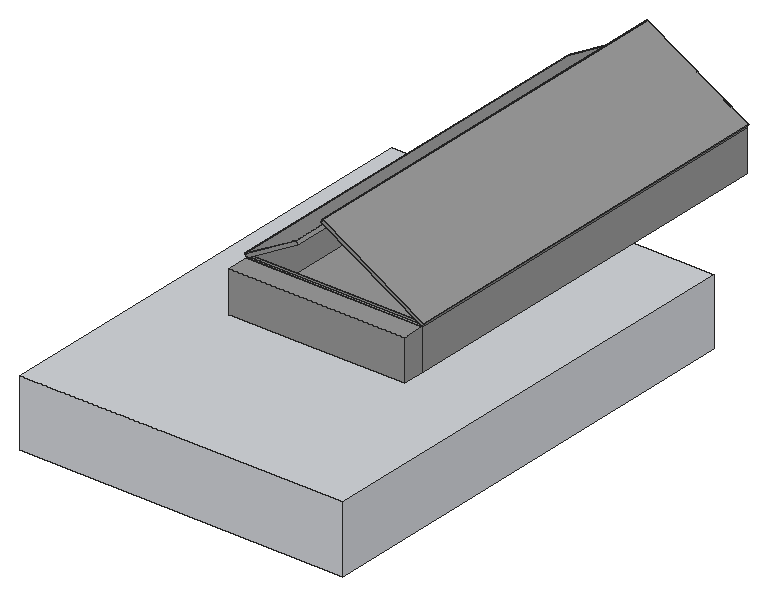
Revit family "Hager-Univers-IP54-D205-H1950-Cl.I-encl-NoHosted-DE-de", category Equipement électrique, Revit 2020
Family settings
  Hôte = Face
  Configuration du panneau = Deux colonnes, circuits au sein
  Cote de connecteur circulaire = Utiliser le diamètre
  Type d'élément = Tableau de raccordement
  Couper avec des vides une fois chargée = Non
  Partagée = Non
  Point de calcul de pièce = Non
Parameters (values of type "Bodenaufstellung IP54 B800 H1950 T205  - FP23TW2")
  Width Control [instance] = if([EF000008 - Breite] > Min Width, [EF000008 - Breite], Min Width)  # 800 mm
  Commentaires du type = [HG000003 - Bereich]  # "Univers"
  Thickness Door [instance] = if([EF009171 - Materialstärke Tür/Deckel] > 3 mm, 3 mm, [EF009171 - Materialstärke Tür/Deckel])  # 1 mm
  Seal Frame Offset [instance] = 17 mm  # constant formula
  Plinth Visibility [instance] = [HG000027 - Sockelhöhe] > 0 mm  # yes
  Model = ""
  Min Width [instance] = 100 mm  # constant formula
  Min Height [instance] = 100 mm  # constant formula
  Min Depth [instance] = (2 * [EF009170 - Materialstärke Gehäuse]) + 1 mm  # 3 mm
  Internal Frame Depth [instance] = (Door System Depth * 0.5)  # 9 mm
  Height Control [instance] = if([EF000040 - Höhe] > Min Height, [EF000040 - Höhe], Min Height)  # 1950 mm
  HG000027 - Sockelhöhe = 100 mm
  HG000026 - Stehend auf dem Boden = yes
  HG000024 - Höhe des unteren Teils = 800 mm
  HG000023 - Gehäuse mit doppeltem Querschnitt = no
  HG000016 - 3D-Türsichtbarkeit [instance] = yes
  HG000015 - Sichtbarkeit der Türöffnung [instance] = no
  HG000014 - Tür rechts [instance] = yes
  HG000013 - Tür links [instance] = not([HG000014 - Tür rechts])  # no
  HG000012 - Türschwenkwinkel [instance] = 30.00°
  HG000010 - Asymmetrische Türen = yes
  HG000009 - Doppelflügeligen Tür = yes
  HG000006 - Unterputz = no
  HG000004 - Herstellerreferenz = "FP23TW2"
  HG000003 - Bereich = "Univers"
  HG000002 - Mit tür = yes
  Frame Offset Bottom [instance] = 10 mm  # constant formula
  Frame Offset [instance] = 15 mm  # constant formula
  EF015940 - Deckel mit Überdruckentlastung = no
  EF011959 - Schutzart (NEMA) = ""
  EF009554 - Anzahl der Öffnungen für Flanschplatten = 6
  Fabricant = "Hager"  # constant formula
  EF009212 - Ausführung Deckel = "EV000116 - geschlossen"
  EF009171 - Materialstärke Tür/Deckel = 1 mm
  EF009170 - Materialstärke Gehäuse = 1 mm
  EF008873 - Nennstrom (In) = 400 A
  EF007800 - Geeignet für Blitzschutz = no
  EF006306 - Mit Schloss = no
  EF006244 - Transparenter Deckel/Tür = no
  EF005474 - Schutzart (IP) = "EV006419 - IP54"
  EF004464 - Art der Tür = "EV002646 - Einzel"
  EF004427 - Anzahl der Module = 432
  EF004293 - Schlagfestigkeit = "EV006815 - IK09"
  EF003532 - Geeignet für Außengebrauch = no
  EF002950 - Breite in Teilungseinheiten = 36
  EF001613 - Funktionserhalt = "EV000494 - ohne"
  EF001596 - Werkstoff des Gehäuses = "EV000179 - Stahl"
  EF001131 - Innentiefe = 205 mm
  EF001088 - Anbaumöglichkeit = yes
  EF000437 - Anzahl der Leitungseinführungen = 6
  EF000339 - Art der Abdeckung = "EV001012 - Deckel"
  EF000266 - Anzahl der Reihen = 12
  EF000218 - Einbautiefe = 0 mm
  EF000118 - Mit Montageplatte = no
  EF000116 - RAL-Nummer = "9010"
  EF000049 - Tiefe = 205 mm
  EF000040 - Höhe = 1950 mm
  EF000008 - Breite = 800 mm
  EF000007 - Farbe = "EV000202 - weiß"
  EF000003 - Montageart = "EV012274 - Bodenaufstellung"
  Door System Leaf Tolerance [instance] = 1.5 mm  # constant formula
  Door System Depth [instance] = 18 mm  # constant formula
  Door Height [instance] = Height Control - [HG000027 - Sockelhöhe]  # 1850 mm
  Depth Control [instance] = if([EF000049 - Tiefe] > Min Depth, [EF000049 - Tiefe], Min Depth)  # 205 mm
  Default Elevation = 0 mm
  Connector Offset [instance] = Height Control / 2  # 975 mm
  Bottom Top Plate Trim [instance] = 1.5 mm  # constant formula
  Plinth height Ctrl [instance] = if([HG000027 - Sockelhöhe] > 0 mm, [HG000027 - Sockelhöhe], 12 mm)  # 100 mm
Types (9, lengths in mm): name | Width Control | HG000010 - Asymmetrische Türen | HG000009 - Doppelflügeligen Tür | HG000004 - Herstellerreferenz | EF009554 - Anzahl der Öffnungen für Flanschplatten | EF008873 - Nennstrom (In) | EF004464 - Art der Tür | EF004427 - Anzahl der Module | EF002950 - Breite in Teilungseinheiten | EF000437 - Anzahl der Leitungseinführungen | EF000008 - Breite
  Bodenaufstellung IP54 B1050 H1950 T205  - FP24TW2 | 1050 | no | yes | "FP24TW2" | 8 | 400 A | "EV003602 - Doppel" | 576 | 48 | 8 | 1050
  Bodenaufstellung IP54 B1300 H1950 T205  - FP25TW | 1300 | no | yes | "FP25TW" | 10 | 400 A | "EV003602 - Doppel" | 720 | 60 | 10 | 1300
  Bodenaufstellung IP54 B1300 H1950 T205  - FP25TW2 | 1300 | yes | yes | "FP25TW2" | 10 | 400 A | "EV003602 - Doppel" | 720 | 60 | 10 | 1300
  Bodenaufstellung IP54 B300 H1950 T205  - FP21TW | 300 | no | no | "FP21TW" | 2 | 250 A | "EV002646 - Einzel" | 144 | 12 | 2 | 300
  Bodenaufstellung IP54 B300 H1950 T205  - FP21TW2 | 300 | no | no | "FP21TW2" | 2 | 250 A | "EV002646 - Einzel" | 144 | 12 | 2 | 300
  Bodenaufstellung IP54 B550 H1950 T205  - FP22TW | 550 | no | no | "FP22TW" | 4 | 400 A | "EV002646 - Einzel" | 288 | 24 | 4 | 550
  Bodenaufstellung IP54 B550 H1950 T205  - FP22TW2 | 550 | no | no | "FP22TW2" | 4 | 400 A | "EV002646 - Einzel" | 288 | 24 | 4 | 550
  Bodenaufstellung IP54 B800 H1950 T205  - FP23TW | 800 | no | no | "FP23TW" | 6 | 400 A | "EV002646 - Einzel" | 432 | 36 | 6 | 800
  Bodenaufstellung IP54 B800 H1950 T205  - FP23TW2 | 800 | yes | yes | "FP23TW2" | 6 | 400 A | "EV002646 - Einzel" | 432 | 36 | 6 | 800
Reference planes
  plane 1 "Center (Front/Back)": y = 0
  plane 2: z = 0
  plane 3 "Center (Left/Right)": x = 0
  plane 4: z = 205
  plane 5: y = 101
  plane 6: y = 1025
  plane 7: y = 100
  plane 8: y = 1950
  plane 9: z = 0
  plane 10: x = -385
  plane 11: x = 385
  plane 12: x = 384
  plane 13: x = -384
  plane 14: y = 1949
  plane 15: x = -383
  plane 16: x = -400
  plane 17: x = 383
  plane 18: x = 400
  plane 19: x = 399
  plane 20: x = -399
  plane 21: y = 111
  plane 22: y = 1950
  plane 23: y = 1934
  plane 24: z = 187
  plane 25: z = 1
  plane 26: z = 186
  plane 27: z = 204
Forms (mm)
  Extrusion 1, solid
    sketch origin (0, 0, 0) x (1, 0, 0) y (0, 1, 0)
      loop
        line (-702.964, 1305) -> (-702.964, -811.445) -> (766.763, -811.445) -> (766.763, 1305) -> (-702.964, 1305)
    from 0 to -304.8
  Extrusion 2, solid, material "Hager_Steel_RAL7035_Light_Grey", visible <- "Plinth Visibility", detail levels medium+fine
    sketch origin (0, 0, 0) x (1, 0, 0) y (0, 1, 0)
      loop
        line (-400, 0) -> (400, 0) -> (400, 100) -> (-400, 100) -> (-400, 0)
    from 0 to 187
  Extrusion 3, solid, material "Hager_Steel_RAL7035_Light_Grey", detail levels medium+fine
    sketch origin (0, 0, 0) x (1, 0, 0) y (0, 1, 0)
      loop
        line (-400, 100) -> (400, 100) -> (400, 1950) -> (-400, 1950) -> (-400, 100)
    from 0 to 187
  Extrusion 4, void
    sketch origin (0, 0, 0) x (1, 0, 0) y (0, 1, 0)
      loop
        line (-399, 101) -> (399, 101) -> (399, 1949) -> (-399, 1949) -> (-399, 101)
    from 1 to 186
  Extrusion 5, void
    sketch origin (-381.607, -4572, 187) x (0, -1, 0) y (-1, 0, 0)
      loop
        line (-4683, 2.393) -> (-6506, 2.393) -> (-6506, -765.607) -> (-4683, -765.607) -> (-4683, 2.393)
    from 0 to 1 <- "EF009170 - Materialstärke Gehäuse"
  Extrusion 6, solid, material "Hager_Steel_RAL7035_Light_Grey", detail levels fine
    sketch origin (0, 0, 187) x (1, 0, 0) y (0, 1, 0)
      loop
        line (-384, 1934) -> (-384, 111) -> (384, 111) -> (384, 1934) -> (-384, 1934)
      loop
        line (-385, 110) -> (385, 110) -> (385, 1935) -> (-385, 1935) -> (-385, 110)
    from 0 to 9 <- "Internal Frame Depth"
  Extrusion 7, solid, material "Hager_Steel_RAL7035_Light_Grey", detail levels coarse
    sketch origin (0, 0, 0) x (1, 0, 0) y (0, 1, 0)
      loop
        line (-400, 0) -> (400, 0) -> (400, 1950) -> (-400, 1950) -> (-400, 0)
    from 0 to 205
  Sweep 8, void
    path in 3D
      loop
        line (-400, 100, 0) -> (400, 100, 0) -> (400, 100, 187) -> (-400, 100, 187) -> (-400, 100, 0)
    profile origin (-400, 100, 93.5) x (-1, 0, 0) y (0, -1, 0)
      loop
        line (0, 0) -> (0, 1.5) -> (-1.5, 1.5)
        arc (-1.5, 1.5) -> (-1.061, 0.439) -> (0, 0) r 1.5
Cuts and joins
  Extrusion 4, Extrusion 5 cuts Extrusion 3
  Sweep 8 cuts Extrusion 2
Lines and regions (mm)
  Masking region 1
    outline origin (0, 0, 0) x (1, 0, 0) y (0, 0, 1)
      loop
        line (-400, 205) -> (-400, 0) -> (400, 0) -> (400, 205) -> (-400, 205)
  Masking region 2, detail levels medium+fine
    outline origin (0, 140, 0) x (0, 1, 0) y (0, 0, 1)
      loop
        line (-40, 0) -> (1810, 0) -> (1810, 187) -> (-40, 187) -> (-40, 0)
  Masking region 3, not visible, detail levels medium+fine
    outline origin (0, 297.922, 0) x (0, 1, 0) y (0, 0, 1)
      loop
        line (738.578, 0) -> (778.578, 0) -> (778.578, 194)
        arc (778.578, 194) -> (775.649, 201.071) -> (768.578, 204) r 10
        line (768.578, 204) -> (738.578, 204) -> (738.578, 0)
  Masking region 4, detail levels coarse
    outline origin (0, 0, 180) x (0, 1, 0) y (0, 0, 1)
      loop
        line (0, -180) -> (1950, -180) -> (1950, 25) -> (0, 25) -> (0, -180)
  Masking region 5, visible <- "Plinth Visibility", detail levels medium+fine
    outline origin (0, 52.24, 12.345) x (0, 0, -1) y (0, 1, 0)
      loop
        line (10.845, 47.76) -> (-173.155, 47.76)
        arc (-173.155, 47.76) -> (-173.594, 46.699) -> (-174.655, 46.26) r 1.5
        line (-174.655, 46.26) -> (-174.655, -52.24) -> (12.345, -52.24) -> (12.345, 46.26)
        arc (12.345, 46.26) -> (11.285, 46.699) -> (10.845, 47.76) r 1.5
  Masking region 6, detail levels medium+fine
    outline origin (-381.607, -4572, 187) x (-1, 0, 0) y (0, -1, 0)
      loop
        line (18.393, -6522) -> (18.393, -4672) -> (-781.607, -4672) -> (-781.607, -6522) -> (18.393, -6522)
  Masking region 7, visible <- "Plinth Visibility", detail levels medium+fine
    outline origin (-381.607, -4727, 187) x (-1, 0, 0) y (0, -1, 0)
      loop
        arc (16.893, -4827) -> (17.332, -4825.939) -> (18.393, -4825.5) r 1.5
        line (18.393, -4825.5) -> (18.393, -4727) -> (-781.607, -4727) -> (-781.607, -4825.5)
        arc (-781.607, -4825.5) -> (-780.546, -4825.939) -> (-780.107, -4827) r 1.5
        line (-780.107, -4827) -> (16.893, -4827)
  Masking region 8, detail levels coarse
    outline origin (-442.548, -4669.526, 187) x (-1, 0, 0) y (0, -1, 0)
      loop
        line (-42.548, -6619.526) -> (-42.548, -4669.526) -> (-842.548, -4669.526) -> (-842.548, -6619.526) -> (-42.548, -6619.526)
  sketch lines
    curve 1: line (-400, 100, 187) -> (-400, 100, 0)
    curve 2: line (400, 100, 187) -> (-400, 100, 187)
    curve 3: line (400, 100, 187) -> (400, 100, 0)
    curve 4: line (-400, 100, 0) -> (400, 100, 0)
Dimensions and locks
  "Depth Control": plane 4 to Extrusion 1
  "HG000027 - Sockelhöhe": plane 1 "Center (Front/Back)" to plane 7
  "EF009170 - Materialstärke Gehäuse": plane 5 to plane 7
  locked: connector elem to plane 3 "Center (Left/Right)"
  equal spacing: plane 8, plane 6, plane 7
  locked: connector elem to plane 6
  "EF009170 - Materialstärke Gehäuse": plane 8 to plane 14
  "EF009170 - Materialstärke Gehäuse": plane 10 to plane 13
  "EF009170 - Materialstärke Gehäuse": plane 12 to plane 11
  "Frame Offset": plane 20 to plane 13
  "Frame Offset": plane 12 to plane 19
  "EF009170 - Materialstärke Gehäuse": plane 16 to plane 20
  "EF009170 - Materialstärke Gehäuse": plane 19 to plane 18
  "Seal Frame Offset": plane 16 to plane 15
  "Seal Frame Offset": plane 17 to plane 18
  "Frame Offset Bottom": plane 21 to plane 5
  "Frame Offset": plane 14 to plane 23
  equal spacing: plane 16, plane 3 "Center (Left/Right)", plane 18
  "Width Control": plane 16 to plane 18
  "EF009170 - Materialstärke Gehäuse": plane 4 to plane 27
  "EF009170 - Materialstärke Gehäuse": plane 24 to plane 26
  "EF009170 - Materialstärke Gehäuse": plane 25 to level
  "Door System Depth": plane 4 to plane 24
  "Height Control": plane 1 "Center (Front/Back)" to Extrusion 7 sketch curve
  "Height Control": Masking region 4 sketch curve to plane 1 "Center (Front/Back)"
  "Height Control": plane 1 "Center (Front/Back)" to plane 22
  "Bottom Top Plate Trim": profile plane to Sweep 8 sketch curve
  "Bottom Top Plate Trim": Sweep 8 sketch curve to profile plane
  "Plinth height Ctrl": plane 1 "Center (Front/Back)" to Extrusion 2 sketch curve
  "Plinth height Ctrl": Masking region 5 sketch curve to plane 1 "Center (Front/Back)"
  "Plinth height Ctrl": plane 1 "Center (Front/Back)" to Masking region 7 sketch curve
  "Thickness Door": Extrusion 6 sketch curve to Extrusion 6 sketch curve  (x3)
  "Thickness Door": cut or joined group of Extrusion 3, Extrusion 4, Extrusion 5 to Extrusion 6 sketch curve
  radius of Masking region 3 sketch curve = 10 mm
  "Bottom Top Plate Trim": radius of Masking region 5 sketch curve  (x2)
  "Bottom Top Plate Trim": radius of Sweep 8 sketch curve
  "Bottom Top Plate Trim": radius of Masking region 7 sketch curve  (x2)
  aligned and locked: plane 2 to Extrusion 1
  aligned and locked: level to Extrusion 1
  aligned and locked: level to Masking region 1 sketch curve
  aligned and locked: Masking region 1 sketch curve to plane 18
  aligned and locked: Masking region 1 sketch curve to plane 16
  aligned and locked: plane 7 to Masking region 2 sketch curve
  aligned and locked: level to Masking region 3 sketch curve
  aligned and locked: Masking region 3 sketch curve to plane 27
  aligned and locked: level to Masking region 2 sketch curve
  aligned and locked: plane 1 "Center (Front/Back)" to Extrusion 2 sketch curve
  aligned and locked: Extrusion 3 sketch curve to plane 7
  aligned and locked: plane 16 to Extrusion 3 sketch curve
  aligned and locked: plane 18 to Extrusion 3 sketch curve
  aligned and locked: plane 20 to Extrusion 4 sketch curve
  aligned and locked: plane 19 to Extrusion 4 sketch curve
  aligned and locked: Extrusion 4 sketch curve to plane 5
  aligned and locked: Extrusion 4 to plane 25
  aligned and locked: plane 26 to Extrusion 4
  aligned and locked: plane 24 to Extrusion 3
  aligned and locked: Extrusion 5 sketch curve to plane 21
  aligned and locked: Extrusion 5 sketch curve to plane 13
  aligned and locked: Extrusion 5 sketch curve to plane 12
  aligned and locked: plane 18 to Extrusion 7 sketch curve
  aligned and locked: plane 1 "Center (Front/Back)" to Extrusion 7 sketch curve
  aligned and locked: plane 16 to Extrusion 7 sketch curve
  aligned and locked: plane 4 to Extrusion 7
  aligned and locked: Extrusion 7 to level
  aligned and locked: level to Masking region 4 sketch curve
  aligned and locked: Masking region 4 sketch curve to plane 1 "Center (Front/Back)"
  aligned and locked: Masking region 4 sketch curve to plane 4
  aligned and locked: nested 1 to level
  aligned and locked: nested 1 to plane 16
  aligned and locked: plane 8 to Extrusion 3 sketch curve
  aligned and locked: plane 23 to Extrusion 5 sketch curve
  aligned and locked: plane 14 to Extrusion 4 sketch curve
  aligned and locked: Masking region 2 sketch curve to plane 8
  aligned and locked: level to Masking region 5 sketch curve
  aligned and locked: plane 16 to Extrusion 2 sketch curve
  aligned and locked: plane 18 to Extrusion 2 sketch curve
  aligned and locked: Masking region 5 sketch curve to plane 24
  aligned and locked: Masking region 2 sketch curve to plane 24
  aligned and locked: plane 24 to Extrusion 2
  aligned and locked: profile plane to Sweep 8 sketch curve  (x2)
  aligned and locked: Masking region 6 sketch curve to plane 18
  aligned and locked: Masking region 6 sketch curve to plane 22
  aligned and locked: Masking region 6 sketch curve to plane 16
  aligned and locked: plane 8 to plane 22
  aligned and locked: Masking region 6 sketch curve to plane 7
  aligned and locked: Masking region 7 sketch curve to plane 16
  aligned and locked: Masking region 7 sketch curve to plane 1 "Center (Front/Back)"
  aligned and locked: Masking region 7 sketch curve to plane 18
  aligned and locked: Masking region 8 sketch curve to plane 1 "Center (Front/Back)"
  aligned and locked: Masking region 8 sketch curve to plane 18
  aligned and locked: Masking region 8 sketch curve to plane 22
  aligned and locked: Masking region 8 sketch curve to plane 16
  aligned and locked: nested 2 to plane 7
  aligned and locked: plane 3 "Center (Left/Right)" to nested 2
  aligned and locked: nested 2 to plane 24
  aligned and locked: Extrusion 6 sketch curve to cut or joined group of Extrusion 3, Extrusion 4, Extrusion 5  (x4)
Automatic sketch dimensions
  Extrusion 1 sketch curve to Extrusion 1 sketch curve = 1469.727 mm
  Extrusion 1 sketch curve to Extrusion 1 sketch curve = 2116.445 mm
  Masking region 1 sketch curve to plane 4 = 0 mm
  plane 6 to Masking region 3 sketch curve = 11.5 mm
  Masking region 3 sketch curve to Masking region 3 sketch curve = 30 mm
  Masking region 5 sketch curve to plane 1 "Center (Front/Back)" = 0 mm
Nested families
  nested 1: "Hager_Enclosure_Symbol" at (-400, 0, 0) x (1, 0, 0) z (0, -1, 0), Height <- "Depth Control", Width <- "Width Control", type "Hager_Enclosure_Symbol"
    with Width_Ctrl 800 mm, Width 800 mm, Height_Ctrl 205 mm, Height 205 mm, A_Width_Int 13.453 mm, A_Width 161.438 mm, A_Height_Ctrl 179.375 mm, A_Height 179.375 mm
  nested 2: "EC000058_Univers_Door" at (0, 100, 187) x (1, 0, 0) z (0, 1, 0), Leaf_Tolerance <- "Door System Leaf Tolerance", Angle <- "HG000012 - Türschwenkwinkel", Door_Depth <- "Door System Depth", Door_Left <- "HG000013 - Tür links", Transparent <- "EF006244 - Transparenter Deckel/Tür", Assymetrical <- "HG000010 - Asymmetrische Türen", Width <- "Width Control", Clearance <- "HG000015 - Sichtbarkeit der Türöffnung", Double <- "HG000009 - Doppelflügeligen Tür", 3d_Door <- "HG000016 - 3D-Türsichtbarkeit", Lock_Visibility <- "EF006306 - Mit Schloss", Width_Ctrl <- "Width Control", Door_Right <- "HG000014 - Tür rechts", Door <- "HG000002 - Mit tür", Height <- "Door Height", Thickness <- "Thickness Door", type "EC000058_Univers_Door", detail levels medium+fine
    with min_wh 3 mm, Width_Ctrl 800 mm, Width 800 mm, Transparent no, Thickness 1 mm, Seal_Material Hager_Rubber, Lock_Visibility no, Lock_Material Hager_Plastic_RAL9005_Jet_Black, Leaf_Width 800 mm, Leaf_Tolerance_External_Sides 0 mm, Leaf_Tolerance 1.5 mm, Leaf_Offset 0 mm, Leaf_Height 1847 mm, Leaf_2_Width 532.583 mm, Leaf_2_Offset 266.292 mm, Leaf_1_Width 265.917 mm, Leaf_1_Offset 132.958 mm, Height_Ctrl 1850 mm, Height 1850 mm, Glass_Material Hager_Glass, Double_Clearance_Ctrl no, Double yes, Door_Right_Ctrl yes, Door_Right yes, Door_Material Hager_Steel_RAL7035_Light_Grey, Door_Left_Ctrl yes, Door_Left no, Door_Depth 18 mm, Door yes, Clearance_Material Hager_Clearance, Clearance_Depth 532.583 mm, Clearance_Ctrl no, Clearance no, Assymetrical yes, Angle 30.00°, 3d_Door yes
Connectors
  electrical at (0, 1025, 0)
    settings: on plane 9, index 1, voltage 0 V, apparent load 0 VA, apparent load phase1 0 VA, apparent load phase2 0 VA, apparent load phase3 0 VA, power factor 1, load classification "Other", number of poles 1, system type 30, power factor state 1, is connector primary yes, connector utility no, sub classification motor no, connector description ""
Definition of nested family "EC000058_Univers_Door"
  Parameters (values of type "EC000058_Univers_Door")
    min_wh [instance] = (2 * Thickness) + 1 mm  # 11 mm
    Width_Ctrl [instance] = 400 mm
    Width [instance] = 500 mm
    Transparent [instance] = yes
    Thickness [instance] = 5 mm
    Seal_Material [instance] = none
    Lock_Visibility [instance] = yes
    Lock_Material [instance] = none
    Leaf_Width [instance] = if((Width_Ctrl - 2 * Leaf_Tolerance_External_Sides) > 0 mm, (Width_Ctrl - 2 * Leaf_Tolerance_External_Sides), min_wh)  # 400 mm
    Leaf_Tolerance_External_Sides [instance] = 0 mm  # constant formula
    Leaf_Tolerance [instance] = 1.5 mm
    Leaf_Offset [instance] = 0 mm  # constant formula
    Leaf_Height [instance] = if((Height_Ctrl - 2 * Leaf_Tolerance) > 0 mm, (Height_Ctrl - 2 * Leaf_Tolerance), min_wh)  # 497 mm
    Leaf_2_Width [instance] = if(and(and(Double, Assymetrical), Door_Left), (Leaf_Width / 3) - (Leaf_Tolerance / 2), if(and(and(Double, Assymetrical), Door_Right), (Leaf_Width / 3) * 2 - (Leaf_Tolerance / 2), if(and(Double, not(Assymetrical)), (Leaf_Width / 2) - Leaf_Tolerance, Leaf_Width)))  # 400 mm
    Leaf_2_Offset [instance] = if(and(Double, Assymetrical), Leaf_2_Width / 2, if(and(Double, not(Assymetrical)), Leaf_Width / 4, Leaf_Width / 2))  # 200 mm
    Leaf_1_Width [instance] = if(and(and(Double, Assymetrical), Door_Right), (Leaf_Width / 3) - (Leaf_Tolerance / 2), if(and(and(Double, Assymetrical), Door_Left), (Width / 3) * 2 - (Leaf_Tolerance / 2), if(and(Double, not(Assymetrical)), (Leaf_Width / 2) - Leaf_Tolerance, Leaf_Width)))  # 400 mm
    Leaf_1_Offset [instance] = if(and(Double, Assymetrical), Leaf_1_Width / 2, if(and(Double, not(Assymetrical)), Leaf_Width / 4, Leaf_Width / 2))  # 200 mm
    Height_Ctrl [instance] = if(Height > min_wh, Height, min_wh)  # 500 mm
    Height [instance] = 500 mm
    Glass_Material [instance] = none
    Double_Clearance_Ctrl [instance] = and(Double, Clearance)  # no
    Double [instance] = no
    Door_Right_Ctrl [instance] = and(or(Door_Right, Double), Door)  # yes
    Door_Right [instance] = yes
    Door_Material [instance] = none
    Door_Left_Ctrl [instance] = and(or(Door_Left, Double), Door)  # no
    Door_Left [instance] = no
    Door_Depth [instance] = 30 mm
    Door [instance] = yes
    Default Elevation = 1219.2 mm
    Clearance_Material [instance] = none
    Clearance_Depth [instance] = if(Leaf_1_Width > Leaf_2_Width, Leaf_1_Width, Leaf_2_Width)  # 400 mm
    Clearance_Ctrl [instance] = and(not(Double), Clearance)  # yes
    Clearance [instance] = yes
    Assymetrical [instance] = yes
    Angle [instance] = 30.00°
    3d_Door [instance] = yes
  Reference planes
    plane 1 "Center (Front/Back)": y = 0
    plane 2 "Bottom": z = 0
    plane 3 "Center (Left/Right)": x = 0
    plane 4: z = 500
    plane 5: x = -200
    plane 6: x = 200
    plane 7: z = 500
    plane 8: x = -200
    plane 9: z = 0
    plane 10: x = 200
    plane 11: y = 0
    plane 12: z = 1.5
    plane 13: x = -600
    plane 14: y = -400
    plane 15: x = 600
    plane 16: x = 0
    plane 17: x = 0
    plane 18: x = -200
    plane 19: x = 200
    plane 20: z = 498.5
  Forms (mm)
    Extrusion 1, solid, material <- "Clearance_Material", visible <- "Double_Clearance_Ctrl"
      sketch origin (1200, 0, 0) x (1, 0, 0) y (0, 0, -1)
        loop
          line (-1800, -498.5) -> (-600, -498.5) -> (-600, 0) -> (-1800, 0) -> (-1800, -498.5)
      from 0 to -400
  Dimensions and locks
    equal spacing: plane 5, plane 3 "Center (Left/Right)", plane 6
    "Width_Ctrl": plane 5 to plane 6
    "Leaf_Offset": plane 5 to plane 8
    "Leaf_Offset": plane 6 to plane 10
    "Leaf_Offset": plane 9 to level
    "Leaf_Offset": plane 4 to plane 7
    "Height_Ctrl": plane 4 to level
    "Leaf_Tolerance": plane 12 to plane 9
    locked: plane 11 to plane 1 "Center (Front/Back)"
    "Leaf_1_Offset": plane 18 to plane 16
    "Leaf_2_Offset": plane 17 to plane 19
    "Leaf_1_Width": plane 13 to plane 8
    "Leaf_2_Width": plane 10 to plane 15
    "Clearance_Depth": plane 14 to plane 1 "Center (Front/Back)"
    "Leaf_Tolerance_External_Sides": plane 8 to plane 18
    "Leaf_Tolerance_External_Sides": plane 19 to plane 10
    "Leaf_Tolerance": plane 7 to plane 20
    aligned and locked: level to plane 2 "Bottom"
    aligned and locked: nested 1 to plane 16
    aligned and locked: nested 2 to plane 17
    aligned and locked: Extrusion 1 to plane 13
    aligned and locked: plane 15 to Extrusion 1
    aligned and locked: Extrusion 1 to plane 14
    aligned and locked: plane 12 to nested 1
    aligned and locked: nested 2 to plane 12
    aligned and locked: Extrusion 1 to plane 11
    aligned and locked: plane 20 to Extrusion 1
    aligned and locked: nested 2 to plane 11
    aligned and locked: nested 1 to plane 11
  Automatic sketch dimensions
    Extrusion 1 sketch curve to level = 0 mm
    plane 5 to Extrusion 1 sketch curve = 400 mm
    plane 6 to Extrusion 1 sketch curve = 400 mm
    Extrusion 1 sketch curve to plane 4 = 1.5 mm
  Nested families
    nested 1: "EC000058_Univers_Door_Leaf" at (0, 0, 1.5), Width <- "Leaf_1_Width", visible <- "Door_Left_Ctrl", Leaf_Height <- "Leaf_Height", Angle <- "Angle", 3d_Door <- "3d_Door", Transparent <- "Transparent", Clearance Material <- "Clearance_Material", Clearance <- "Clearance_Ctrl", Door_Material <- "Door_Material", Glass_Material <- "Glass_Material", Door_Depth <- "Door_Depth", Lock_Material <- "Lock_Material", Seal_Material <- "Seal_Material", Lock_Visibility <- "Lock_Visibility", Thickness <- "Thickness", type "EC000058_Univers_Door_Leaf"
      with Width 400 mm, Transparent_Glass_Offset 30 mm, Transparent_Ctrl yes, Transparent yes, Thickness 5 mm, Standard no, Seal_Material none, Seal_D2 8 mm, Seal_D1 1 mm, Offset_Internal_Frame 10 mm, Lock_Width 20 mm, Lock_Visibility_3d yes, Lock_Visibility yes, Lock_Thickness_3 3 mm, Lock_Thickness_2 1 mm, Lock_Thickness_1 3 mm, Lock_Radius_Offset_2 16 mm, Lock_Radius_Offset_1 15 mm, Lock_Radius_2 5 mm, Lock_Radius 6 mm, Lock_Offset 5 mm, Lock_Material none, Lock_Height 80 mm, Lock_Cover_Top_Offset_2d 17 mm, Lock_Cover_Height -65 mm, Leaf_Height 497 mm, Internal_Seal_Thickness 8 mm, Internal_Seal_Depth_2 4.5 mm, Internal_Frame_Depth 25 mm, Glass_Thickness -1 mm, Glass_Offset -2 mm, Glass_Material none, Door_Material none, Door_Depth 30 mm, Clearance Material none, Clearance yes, Angle_Ctrl 30.00°, Angle 30.00°, 3d_Door yes
    nested 2: "EC000058_Univers_Door_Leaf" at (0, 0, 1.5) x (-1, 0, 0) z (0, 0, 1), Width <- "Leaf_2_Width", visible <- "Door_Right_Ctrl", Leaf_Height <- "Leaf_Height", Angle <- "Angle", 3d_Door <- "3d_Door", Transparent <- "Transparent", Clearance Material <- "Clearance_Material", Clearance <- "Clearance_Ctrl", Door_Material <- "Door_Material", Glass_Material <- "Glass_Material", Door_Depth <- "Door_Depth", Lock_Material <- "Lock_Material", Seal_Material <- "Seal_Material", Lock_Visibility <- "Lock_Visibility", Thickness <- "Thickness", type "EC000058_Univers_Door_Leaf"
      with Width 400 mm, Transparent_Glass_Offset 30 mm, Transparent_Ctrl yes, Transparent yes, Thickness 5 mm, Standard no, Seal_Material none, Seal_D2 8 mm, Seal_D1 1 mm, Offset_Internal_Frame 10 mm, Lock_Width 20 mm, Lock_Visibility_3d yes, Lock_Visibility yes, Lock_Thickness_3 3 mm, Lock_Thickness_2 1 mm, Lock_Thickness_1 3 mm, Lock_Radius_Offset_2 16 mm, Lock_Radius_Offset_1 15 mm, Lock_Radius_2 5 mm, Lock_Radius 6 mm, Lock_Offset 5 mm, Lock_Material none, Lock_Height 80 mm, Lock_Cover_Top_Offset_2d 17 mm, Lock_Cover_Height -65 mm, Leaf_Height 497 mm, Internal_Seal_Thickness 8 mm, Internal_Seal_Depth_2 4.5 mm, Internal_Frame_Depth 25 mm, Glass_Thickness -1 mm, Glass_Offset -2 mm, Glass_Material none, Door_Material none, Door_Depth 30 mm, Clearance Material none, Clearance yes, Angle_Ctrl 30.00°, Angle 30.00°, 3d_Door yes
  Definition of nested family "EC000058_Univers_Door_Leaf"
    Parameters (values of type "EC000058_Univers_Door_Leaf")
      Width [instance] = 2000 mm
      Transparent_Glass_Offset [instance] = 30 mm
      Transparent_Ctrl [instance] = and(Transparent, [3d_Door])  # yes
      Transparent [instance] = yes
      Thickness [instance] = 5 mm
      Standard [instance] = and(not(Transparent), [3d_Door])  # no
      Seal_Material [instance] = none
      Seal_D2 [instance] = 8 mm  # constant formula
      Seal_D1 [instance] = 1 mm  # constant formula
      Offset_Internal_Frame [instance] = 10 mm  # constant formula
      Lock_Width [instance] = 20 mm  # constant formula
      Lock_Visibility_3d [instance] = and(Lock_Visibility, [3d_Door])  # yes
      Lock_Visibility [instance] = yes
      Lock_Thickness_3 [instance] = 3 mm  # constant formula
      Lock_Thickness_2 [instance] = 1 mm  # constant formula
      Lock_Thickness_1 [instance] = 3 mm  # constant formula
      Lock_Radius_Offset_2 [instance] = Lock_Radius_Offset_1 + 1 mm  # 16 mm
      Lock_Radius_Offset_1 [instance] = 15 mm  # constant formula
      Lock_Radius_2 [instance] = Lock_Radius - 1 mm  # 5 mm
      Lock_Radius [instance] = 6 mm  # constant formula
      Lock_Offset [instance] = 5 mm  # constant formula
      Lock_Material [instance] = none
      Lock_Height [instance] = 80 mm  # constant formula
      Lock_Cover_Top_Offset_2d [instance] = Lock_Radius_Offset_2 + 1 mm  # 17 mm
      Lock_Cover_Height [instance] = -(Lock_Height - Lock_Radius_Offset_1)  # -65 mm
      Leaf_Height [instance] = 2720.336 mm
      Internal_Seal_Thickness [instance] = 8 mm  # constant formula
      Internal_Seal_Depth_2 [instance] = 4.5 mm  # constant formula
      Internal_Frame_Depth [instance] = if(Door_Depth - Thickness > 5 mm, Door_Depth - Thickness, 5 mm)  # 25 mm
      Glass_Thickness [instance] = if(Thickness > 15 mm, Glass_Offset + 10 mm, -1 mm)  # -1 mm
      Glass_Offset [instance] = if(Thickness > 15 mm, -(Thickness + 10 mm) / 2, -2 mm)  # -2 mm
      Glass_Material [instance] = none
      Door_Material [instance] = none
      Door_Depth [instance] = 30 mm
      Default Elevation = 0 mm
      Clearance Material [instance] = none
      Clearance [instance] = yes
      Angle_Ctrl [instance] = if(Angle > 180.00°, 180.00°, Angle)  # 90.00°
      Angle [instance] = 90.00°
      3d_Door [instance] = yes
    Reference planes
      plane 1 "Center (Front/Back)": y = 0
      plane 2: z = 0
      plane 3 "Center (Left/Right)": x = 0
      plane 4: y = 2000
      plane 5: x = -1000
      plane 6: x = 1000
      plane 7: x = -3000
      plane 8: z = 2720.336
      plane 9: z = 30
      plane 10: z = 2690.336
      plane 11: x = 970
      plane 12: x = -970
      plane 13: y = -3
      plane 14: z = 107.833
      plane 15: y = -5
      plane 16: y = -223.314
      plane 17: x = -1000
      plane 18: z = 1360.168
      plane 19: y = 30
    Forms (mm)
      Extrusion 1, solid, material <- "Clearance Material", visible <- "Clearance"
        sketch origin (0, 0, 0) x (1, 0, 0) y (0, 0, 1)
          loop
            line (-3000, 2720.336) -> (-3000, 0) -> (1000, 0) -> (1000, 2720.336) -> (-3000, 2720.336)
        from 0 to -2000
      Extrusion 2, solid, material <- "Door_Material", visible <- "Standard", detail levels medium+fine
        sketch origin (-1000, 0, 0) x (0, 1, 0) y (-1, 0, 0)
          loop
            line (0, 30) -> (0, 25) -> (2000, 25) -> (2000, 30) -> (0, 30)
        from 0 to 2720.336 <- "Leaf_Height"
      Extrusion 3, solid, material <- "Door_Material", visible <- "Transparent_Ctrl", detail levels medium+fine
        sketch origin (-1000, 0, 0) x (0, 1, 0) y (-1, 0, 0)
          loop
            line (0, 25) -> (2000, 25) -> (2000, 30) -> (0, 30) -> (0, 25)
        from 0 to 2720.336 <- "Leaf_Height"
      Extrusion 4, void
        sketch origin (-1025, 2000, 0) x (0, 1, 0) y (0, 0, -1)
          loop
            line (-30, -2690.336) -> (-30, -30) -> (-1970, -30) -> (-1970, -2690.336) -> (-30, -2690.336)
        from 0 to 5 <- "Thickness"
      Sweep 5, solid, material <- "Seal_Material", visible <- "Transparent_Ctrl", detail levels fine
        path in 3D
          loop
            line (-1025, 30, 30) -> (-1025, 30, 2690.336) -> (-1025, 1970, 2690.336) -> (-1025, 1970, 30) -> (-1025, 30, 30)
        profile origin (-1025, 1000, 30) x (1, 0, 0) y (0, 0, 1)
          loop
            line (0, 0) -> (0, -8) -> (1, -8) -> (1, 0) -> (0, 0)
      Extrusion 6, solid, material <- "Glass_Material", visible <- "Transparent_Ctrl", detail levels medium+fine
        sketch origin (-1030, 0, 0) x (0, 1, 0) y (0, 0, -1)
          loop
            line (1970, -2690.336) -> (1970, -30) -> (30, -30) -> (30, -2690.336) -> (1970, -2690.336)
        from -2 <- "Glass_Offset" to -1 <- "Glass_Thickness"
      Extrusion 7, solid, material <- "Door_Material", visible <- "3d_Door", detail levels medium+fine
        sketch origin (-1025, 2000, 0) x (0, -1, 0) y (0, 0, -1)
          loop
            line (0, -2720.336) -> (2000, -2720.336) -> (2000, 0) -> (0, 0) -> (0, -2720.336)
          loop
            line (1995, -5) -> (5, -5) -> (5, -2715.336) -> (1995, -2715.336) -> (1995, -5)
        from 0 to 25 <- "Internal_Frame_Depth"
      Sweep 8, solid, material <- "Seal_Material", visible <- "Transparent_Ctrl", detail levels fine
        path in 3D
          loop
            line (-1025, 0, 0) -> (-1025, 2000, 0) -> (-1025, 2000, 2720.336) -> (-1025, 0, 2720.336) -> (-1025, 0, 0)
        profile origin (-1025, 0, 1360.168) x (1, 0, 0) y (0, 1, 0)
          loop
            line (0, 10) -> (2.975, 10)
            arc (2.975, 10) -> (4.053, 10.447) -> (4.5, 11.525) r 1.525
            line (4.5, 11.525) -> (4.5, 16.527)
            arc (4.5, 16.527) -> (4.069, 17.569) -> (3.027, 18) r 1.473
            line (3.027, 18) -> (0, 18) -> (0, 10)
      Extrusion 9, solid, material <- "Lock_Material", visible <- "Lock_Visibility_3d", detail levels fine
        sketch origin (-1030, 0, 0) x (0, 1, 0) y (0, 0, -1)
          loop
            arc (1993.5, -1400.168) -> (1994.561, -1399.729) -> (1995, -1398.668) r 1.5
            line (1995, -1398.668) -> (1995, -1320.168) -> (1975, -1320.168) -> (1975, -1398.668)
            arc (1975, -1398.668) -> (1975.439, -1399.729) -> (1976.5, -1400.168) r 1.5
            line (1976.5, -1400.168) -> (1993.5, -1400.168)
        from 3 <- "Lock_Thickness_1" to 0
      Blend 10, solid, material <- "Lock_Material", visible <- "Lock_Visibility_3d", detail levels fine
        base sketch origin (-1033, 0, 0) x (0, 1, 0) y (0, 0, -1)
          loop
            line (1975, -1320.168) -> (1975, -1398.668)
            arc (1975, -1398.668) -> (1975.439, -1399.729) -> (1976.5, -1400.168) r 1.5
            line (1976.5, -1400.168) -> (1993.5, -1400.168)
            arc (1993.5, -1400.168) -> (1994.561, -1399.729) -> (1995, -1398.668) r 1.5
            line (1995, -1398.668) -> (1995, -1320.168) -> (1975, -1320.168)
        top sketch origin (-1033, 0, 0) x (0, 1, 0) y (0, 0, -1)
          loop
            line (1976, -1320.168) -> (1976, -1398.668)
            arc (1976, -1398.668) -> (1976.146, -1399.022) -> (1976.5, -1399.168) r 0.5
            line (1976.5, -1399.168) -> (1993.5, -1399.168)
            arc (1993.5, -1399.168) -> (1993.854, -1399.022) -> (1994, -1398.668) r 0.5
            line (1994, -1398.668) -> (1994, -1320.168) -> (1976, -1320.168)
        from 0 to 1 <- "Lock_Thickness_2"
      Blend 11, solid, material <- "Lock_Material", visible <- "Lock_Visibility_3d", detail levels fine
        base sketch origin (-1034, 0, 0) x (0, 1, 0) y (0, 0, -1)
          loop
            line (1978, -1320.168) -> (1978, -1384.168)
            arc (1978, -1384.168) -> (1985, -1391.168) -> (1992, -1384.168) r 7
            line (1992, -1384.168) -> (1992, -1320.168) -> (1978, -1320.168)
        top sketch origin (-1034, 0, 0) x (0, 1, 0) y (0, 0, -1)
          loop
            line (1991, -1320.168) -> (1979, -1320.168) -> (1979, -1383.168)
            arc (1979, -1383.168) -> (1985, -1389.168) -> (1991, -1383.168) r 6
            line (1991, -1383.168) -> (1991, -1320.168)
        from 0 to 3 <- "Lock_Thickness_3"
      Extrusion 12, solid, material <- "Lock_Material", visible <- "Lock_Visibility_3d", detail levels fine
        sketch origin (-1030, 1975, 1320.168) x (1, 0, 0) y (0, -1, 0)
          loop
            line (-7, -19) -> (-7, -1) -> (0, -1) -> (0, 0) -> (-8, 0) -> (-8, -20) -> (0, -20) -> (0, -19) -> (-7, -19)
        from 0 to -65 <- "Lock_Cover_Height"
      Extrusion 13, void
        sketch origin (-1038, 1995, 1320.168) x (-1, 0, 0) y (0, 0, -1)
          loop
            line (-5, -65) -> (0, -65) -> (-5, -60) -> (-5, -65)
        from 0 to 20 <- "Lock_Width"
      Extrusion 14, void
        sketch origin (-1038, 1975, 1320.168) x (0, -1, 0) y (0, 0, -1)
          loop
            circle (-10, -15.995) r 6
          loop
            circle (-10, -15.995) r 5
        from 0 to 2
      Extrusion 15, solid, material <- "Lock_Material", visible <- "Lock_Visibility_3d", detail levels medium
        sketch origin (-1030, 0, 0) x (0, 1, 0) y (0, 0, -1)
          loop
            arc (1993.5, -1400.168) -> (1994.561, -1399.729) -> (1995, -1398.668) r 1.5
            line (1995, -1398.668) -> (1995, -1320.168) -> (1975, -1320.168) -> (1975, -1398.668)
            arc (1975, -1398.668) -> (1975.439, -1399.729) -> (1976.5, -1400.168) r 1.5
            line (1976.5, -1400.168) -> (1993.5, -1400.168)
        from 8 to 0
    Cuts and joins
      Extrusion 4 cuts Extrusion 3
      Extrusion 13, Extrusion 14 cuts Extrusion 9
      Extrusion 14 cuts Blend 11
      Extrusion 13, Extrusion 14 cuts Extrusion 12
      joined: Extrusion 9, Blend 10, Blend 11, Extrusion 12
      Extrusion 14 cuts Extrusion 15
    Lines and regions (mm)
      Masking region 1, visible <- "Lock_Visibility", detail levels fine
        outline origin (0, 0, 0) x (0, 1, 0) y (0, 0, 1)
          loop
            line (30, 1320.168) -> (33, 1320.168) -> (33, 1400.168) -> (30, 1400.168) -> (30, 1320.168)
      Masking region 2, visible <- "Lock_Visibility", detail levels fine
        outline origin (0, 3.143, 0) x (0, 1, 0) y (0, 0, 1)
          loop
            line (29.857, 1354.168) -> (30.857, 1354.168) -> (30.857, 1366.168) -> (29.857, 1366.168) -> (29.857, 1354.168)
      Masking region 3, detail levels medium+fine
        outline origin (0, 0, 0) x (0, 1, 0) y (0, 0, 1)
          loop
            line (0, 0) -> (30, 0) -> (30, 2720.336) -> (0, 2720.336) -> (0, 0)
      Masking region 4, detail levels medium+fine
        outline origin (0, 0, 0) x (1, 0, 0) y (0, 0, 1)
          loop
            line (-1000, 2720.336) -> (-1000, 0) -> (1000, 0) -> (1000, 2720.336) -> (-1000, 2720.336)
      Masking region 5, visible <- "Lock_Visibility", detail levels fine
        outline origin (-47.116, 0, 0) x (1, 0, 0) y (0, 0, 1)
          loop
            arc (1024.616, 1399.168) -> (1023.556, 1398.729) -> (1023.116, 1397.668) r 1.5
            line (1023.116, 1397.668) -> (1023.116, 1320.168) -> (1041.116, 1320.168) -> (1041.116, 1397.668)
            arc (1041.116, 1397.668) -> (1040.677, 1398.729) -> (1039.616, 1399.168) r 1.5
            line (1039.616, 1399.168) -> (1024.616, 1399.168)
      Masking region 6, visible <- "Lock_Visibility", detail levels medium+fine
        outline origin (-25, 0, 0) x (1, 0, 0) y (0, 0, 1)
          loop
            arc (1001.5, 1400.168) -> (1000.439, 1399.729) -> (1000, 1398.668) r 1.5
            line (1000, 1398.668) -> (1000, 1320.168) -> (1020, 1320.168) -> (1020, 1398.668)
            arc (1020, 1398.668) -> (1019.561, 1399.729) -> (1018.5, 1400.168) r 1.5
            line (1018.5, 1400.168) -> (1001.5, 1400.168)
      Masking region 7, visible <- "Lock_Visibility", detail levels fine
        outline origin (-73.735, 0, 0) x (1, 0, 0) y (0, 0, 1)
          loop
            line (1051.735, 1382.168) -> (1065.735, 1382.168) -> (1065.735, 1384.168)
            arc (1065.735, 1384.168) -> (1058.735, 1391.168) -> (1051.735, 1384.168) r 7
            line (1051.735, 1384.168) -> (1051.735, 1382.168)
      Masking region 8, visible <- "Lock_Visibility", detail levels fine
        outline origin (-73.735, 0, 0) x (1, 0, 0) y (0, 0, 1)
          loop
            line (1052.735, 1382.168) -> (1064.735, 1382.168) -> (1064.735, 1383.168)
            arc (1064.735, 1383.168) -> (1058.735, 1389.168) -> (1052.735, 1383.168) r 6
            line (1052.735, 1383.168) -> (1052.735, 1382.168)
      Masking region 9, visible <- "Lock_Visibility", detail levels fine
        outline origin (-25, 0, 0) x (1, 0, 0) y (0, 0, 1)
          loop
            line (1020, 1320.168) -> (1020, 1382.168) -> (1000, 1382.168) -> (1000, 1320.168) -> (1020, 1320.168)
      Masking region 10, detail levels medium+fine
        outline origin (0, 0, 0) x (1, 0, 0) y (0, 0, 1)
          loop
            circle (985, 1335.144) r 6
      Masking region 11, detail levels fine
        outline origin (0, 0, 0) x (1, 0, 0) y (0, 0, 1)
          loop
            circle (985, 1335.144) r 5
      Masking region 12, visible <- "Lock_Visibility", detail levels fine
        outline origin (0, 12.767, 0) x (0, 1, 0) y (0, 0, 1)
          loop
            line (20.233, 1320.168) -> (21.233, 1320.168) -> (21.233, 1399.168) -> (20.233, 1400.168) -> (20.233, 1320.168)
      Masking region 13, visible <- "Lock_Visibility", detail levels fine
        outline origin (0, 13.767, -10) x (0, 1, 0) y (0, 0, 1)
          loop
            line (20.233, 1330.168) -> (23.233, 1330.168) -> (23.233, 1399.168) -> (20.233, 1402.168) -> (20.233, 1330.168)
      Masking region 14, visible <- "Lock_Visibility", detail levels fine
        outline origin (0, 12.767, -10) x (0, 1, 0) y (0, 0, 1)
          loop
            line (20.233, 1330.168) -> (25.233, 1330.168) -> (25.233, 1399.305) -> (20.233, 1394.305) -> (20.233, 1330.168)
      Masking region 15, visible <- "Lock_Visibility", detail levels medium
        outline origin (0, 0, 0) x (0, 1, 0) y (0, 0, 1)
          loop
            line (30, 1320.168) -> (38, 1320.168) -> (38, 1400.168) -> (30, 1400.168) -> (30, 1320.168)
      Masking region 16, visible <- "Lock_Visibility", detail levels fine
        outline origin (-1000, 0, 0) x (0, 1, 0) y (-1, 0, 0)
          loop
            line (1975, 30) -> (1995, 30) -> (1995, 38) -> (1975, 38) -> (1975, 30)
          loop
            line (1979, 37) -> (1976, 37) -> (1976, 34) -> (1978, 34) -> (1979, 37)
          loop
            line (1994, 37) -> (1991, 37) -> (1992, 34) -> (1994, 34) -> (1994, 37)
      Masking region 17, visible <- "Lock_Visibility", detail levels medium
        outline origin (-1000, 0, 0) x (0, 1, 0) y (-1, 0, 0)
          loop
            line (1975, 30) -> (1995, 30) -> (1995, 38) -> (1975, 38) -> (1975, 30)
      symbolic lines
        curve 1: line (1000, 0, 0) -> (-3000, 0, 0)
        curve 2: arc (1000, 0, 0) -> (-1000, 2000, 0) -> (-3000, 0, 0) r 2000
        curve 4: line (-1030, 0, 0) -> (-1030, 2000, 0)
      reference lines
        curve 3: line (-1000, 0, 0) -> (-1000, 2000, 0)
      symbolic lines, detail levels medium+fine
        curve 5: line (-1030, 2000, 0) -> (-1025, 2000, 0)
        curve 7: line (-1025, 0, 0) -> (-1030, 0, 0)
        curve 8: line (-1025, 0, 0) -> (-1000, 0, 0)
        curve 9: line (-1000, 0, 0) -> (-1000, 2000, 0)
        curve 10: line (-1000, 2000, 0) -> (-1025, 2000, 0)
      symbolic lines, detail levels fine
        curve 6: line (-1025, 2000, 0) -> (-1025, 0, 0)
      sketch lines
        curve 11: line (-1025, 0, 2720.336) -> (-1025, 0, 0)
        curve 12: line (-1025, 2000, 0) -> (-1025, 0, 0)
        curve 13: line (-1025, 2000, 2720.336) -> (-1025, 2000, 0)
        curve 14: line (-1025, 0, 2720.336) -> (-1025, 2000, 2720.336)
        curve 15: line (-1025, 1970, 30) -> (-1025, 30, 30)
        curve 16: line (-1025, 30, 30) -> (-1025, 30, 2690.336)
        curve 17: line (-1025, 1970, 2690.336) -> (-1025, 1970, 30)
        curve 18: line (-1025, 30, 2690.336) -> (-1025, 1970, 2690.336)
      symbolic lines, visible <- "Transparent", detail levels medium+fine
        curve 19: line (-970, 0, 2690.336) -> (970, 0, 2690.336)
        curve 20: line (-970, 0, 30) -> (-970, 0, 2690.336)
        curve 21: line (970, 0, 30) -> (-970, 0, 30)
        curve 22: line (970, 0, 2690.336) -> (970, 0, 30)
    Dimensions and locks
      "Width": plane 1 "Center (Front/Back)" to plane 4
      equal spacing: plane 5, plane 3 "Center (Left/Right)", plane 6
      "Width": plane 5 to plane 6
      "Width": plane 7 to plane 5
      "Leaf_Height": plane 8 to level
      "Width": curve 5 to curve 3
      "Width": curve 3 to curve 3
      plane 8 to plane 10 = 30 mm
      plane 9 to level = 30 mm
      plane 12 to plane 5 = 30 mm
      plane 6 to plane 11 = 30 mm
      Extrusion 1 to Extrusion 4 sketch curve = 30 mm
      "Transparent_Glass_Offset": curve 3 to Extrusion 4 sketch curve
      "Transparent_Glass_Offset": Extrusion 4 sketch curve to cut or joined group of Extrusion 3, Extrusion 4  (x2)
      cut or joined group of Extrusion 3, Extrusion 4 to Extrusion 6 sketch curve = 30 mm
      "Transparent_Glass_Offset": cut or joined group of Extrusion 3, Extrusion 4 to Extrusion 4 sketch curve
      "Thickness": curve 6 to curve 4
      "Thickness": Extrusion 7 sketch curve to Extrusion 7 sketch curve  (x4)
      "Door_Depth": curve 4 to curve 3
      "Offset_Internal_Frame": profile plane to Sweep 8 sketch curve
      "Internal_Seal_Thickness": Sweep 8 sketch curve to Sweep 8 sketch curve
      "Internal_Seal_Depth_2": profile plane to Sweep 8 sketch curve
      "Seal_D1": profile plane to Sweep 5 sketch curve
      "Seal_D2": profile plane to Sweep 5 sketch curve
      "Thickness": Extrusion 2 sketch curve to Extrusion 2 sketch curve
      equal spacing: Extrusion 9 sketch curve, plane 18, Extrusion 9 sketch curve  (x2)
      equal spacing: Masking region 1 sketch curve, plane 18, Masking region 1 sketch curve
      "Lock_Height": Masking region 1 sketch curve to Masking region 1 sketch curve
      "Lock_Radius": Masking region 2 sketch curve to plane 18 to Masking region 2 sketch curve
      Masking region 2 sketch curve to Masking region 1 = 1 mm
      "Door_Depth": plane 19 to plane 1 "Center (Front/Back)"
      "Lock_Thickness_1": Masking region 1 sketch curve to plane 19
      "Lock_Width": Extrusion 9 sketch curve to Extrusion 9 sketch curve
      "Lock_Height": Extrusion 9 sketch curve to Extrusion 9 sketch curve
      "Lock_Offset": cut or joined group of Extrusion 3, Extrusion 4 to Extrusion 9 sketch curve
      equal spacing: plane 8, plane 18, level
      "Lock_Radius_Offset_1": Blend 11 sketch curve to Blend 10
      locked: Blend 10 to Blend 11 sketch curve at 2  (x2)
      locked: var sketch to Blend 11 sketch curve at 1  (x2)
      "Lock_Radius_Offset_2": Blend 11 sketch curve to Blend 10
      locked: Extrusion 12 sketch curve to Extrusion 12 sketch curve at 1  (x3)
      Masking region 6 sketch curve to Masking region 6 sketch curve = 80 mm
      "Lock_Height": Masking region 6 sketch curve to Masking region 6 sketch curve
      "Lock_Width": Masking region 6 sketch curve to Masking region 6 sketch curve
      locked: Masking region 6 to Masking region 5 sketch curve at 1  (x3)
      locked: Masking region 5 to Masking region 7 sketch curve at 2  (x2)
      "Lock_Radius_Offset_1": Masking region 5 to Masking region 7 sketch curve
      "Lock_Radius_Offset_2": Masking region 5 to Masking region 8 sketch curve
      locked: Masking region 7 to Masking region 8 sketch curve at 1  (x2)
      "Lock_Cover_Top_Offset_2d": Masking region 5 to Masking region 9 sketch curve
      equal spacing: Masking region 9, Masking region 10 sketch curve, Masking region 9
      equal spacing: Masking region 9, Masking region 11 sketch curve, Masking region 9
      Extrusion 15 sketch curve to Extrusion 15 sketch curve = 80 mm
      "Lock_Width": Extrusion 15 sketch curve to Extrusion 15 sketch curve
      "Lock_Height": Extrusion 15 sketch curve to Extrusion 15 sketch curve
      equal spacing: Extrusion 15 sketch curve, plane 18, Extrusion 15 sketch curve
      "Lock_Thickness_3": Masking region 13 sketch curve to Masking region 13 sketch curve
      "Lock_Height": Masking region 12 sketch curve to Masking region 12 sketch curve
      locked: Masking region 13 sketch curve to Masking region 1 at 8
      locked: Masking region 14 sketch curve to Masking region 13 at 1
      locked: Masking region 14 sketch curve to Masking region 1 at 10.863
      "Lock_Height": Masking region 15 sketch curve to Masking region 15 sketch curve
      "Lock_Offset": Extrusion 15 sketch curve to cut or joined group of Extrusion 3, Extrusion 4
      "Lock_Offset": plane 6 to Masking region 6 sketch curve
      radius of Sweep 8 sketch curve = 1.525 mm
      radius of Sweep 8 sketch curve = 1.473 mm
      radius of Extrusion 9 sketch curve = 1.5 mm  (x2)
      "Lock_Radius": radius of Extrusion 14 sketch curve
      "Lock_Radius_2": radius of Extrusion 14 sketch curve
      "Lock_Radius": radius of Masking region 10 sketch curve
      "Lock_Radius_2": radius of Masking region 11 sketch curve
      radius of Extrusion 15 sketch curve = 1.5 mm  (x2)
      "Angle_Ctrl": angle plane 1 "Center (Front/Back)" to curve 3
      locked: Masking region 12 sketch curve to Masking region 12 sketch curve (angle 45.00°)
      locked: Masking region 13 sketch curve to Masking region 13 sketch curve (angle 45.00°)
      locked: Masking region 14 sketch curve to Masking region 14 sketch curve (angle 45.00°)
      aligned and locked: level to plane 2
      aligned and locked: Extrusion 1 to curve 1
      aligned and locked: plane 6 to Extrusion 1
      aligned and locked: Extrusion 1 to plane 1 "Center (Front/Back)"
      aligned and locked: plane 4 to Extrusion 1
      aligned and locked: plane 8 to Extrusion 1
      aligned and locked: curve 7 to Extrusion 2 sketch curve
      aligned and locked: curve 5 to Extrusion 2 sketch curve
      aligned and locked: curve 7 to Extrusion 3 sketch curve
      aligned and locked: Extrusion 3 sketch curve to curve 4
      aligned and locked: Extrusion 3 sketch curve to curve 6
      aligned and locked: Extrusion 3 sketch curve to curve 5
      aligned and locked: curve 9 to curve 3
      aligned and locked: Extrusion 7 sketch curve to cut or joined group of Extrusion 3, Extrusion 4  (x4)
      aligned and locked: plane 17 to curve 3
      aligned and locked: plane 1 "Center (Front/Back)" to curve 3
      aligned and locked: plane 17 to plane 5
      aligned and locked: Sweep 8 sketch curve to profile plane
      aligned and locked: Sweep 5 sketch curve to profile plane  (x2)
      aligned and locked: Masking region 1 to Masking region 2 sketch curve
      aligned and locked: plane 19 to Masking region 1 sketch curve
      aligned and locked: plane 1 "Center (Front/Back)" to Masking region 3 sketch curve
      aligned and locked: plane 19 to Masking region 3 sketch curve
      aligned and locked: level to Masking region 3 sketch curve
      aligned and locked: Masking region 3 sketch curve to plane 8
      aligned and locked: plane 17 to Masking region 4 sketch curve
      aligned and locked: level to Masking region 4 sketch curve
      aligned and locked: Masking region 4 sketch curve to plane 8
      aligned and locked: plane 12 to curve 20
      aligned and locked: plane 10 to curve 19
      aligned and locked: plane 11 to curve 22
      aligned and locked: curve 21 to plane 9
      aligned and locked: Extrusion 2 sketch curve to cut or joined group of Extrusion 3, Extrusion 4
      aligned and locked: Blend 10 sketch curve to Extrusion 9  (x4)
      aligned and locked: Extrusion 9 to Blend 10 sketch curve
      aligned and locked: Blend 10 to Blend 11 sketch curve
      aligned and locked: Extrusion 12 sketch curve to Blend 11
      aligned and locked: Extrusion 12 sketch curve to Extrusion 9  (x4)
      aligned and locked: Masking region 5 sketch curve to Masking region 6
      aligned and locked: Masking region 9 sketch curve to Masking region 6  (x3)
      aligned and locked: Masking region 12 sketch curve to Masking region 1
      aligned and locked: Masking region 13 sketch curve to Masking region 1
      aligned and locked: Masking region 12 to Masking region 14
      aligned and locked: Masking region 14 sketch curve to Masking region 1
      aligned and locked: Masking region 15 sketch curve to Masking region 14
      aligned and locked: Masking region 13 sketch curve to Masking region 12
      aligned and locked: Masking region 16 sketch curve to cut or joined group of Extrusion 14, Extrusion 15  (x4)
      aligned and locked: Masking region 16 sketch curve to cut or joined group of Extrusion 9, Blend 10, Blend 11, Extrusion 12, Extrusion 13, Extrusion 14  (x6)
      aligned and locked: cut or joined group of Extrusion 9, Blend 10, Blend 11, Extrusion 12, Extrusion 13, Extrusion 14 to Masking region 16 sketch curve
      aligned and locked: Masking region 17 sketch curve to cut or joined group of Extrusion 14, Extrusion 15  (x3)
      aligned and locked: Masking region 17 sketch curve to cut or joined group of Extrusion 9, Blend 10, Blend 11, Extrusion 12, Extrusion 13, Extrusion 14
      aligned and locked: Masking region 9 to Masking region 8 sketch curve
      aligned and locked: Masking region 9 to Masking region 7 sketch curve
    Automatic sketch dimensions
      plane 1 "Center (Front/Back)" to curve 2 = 0 mm
      curve 2 to plane 5 = 0 mm
      Extrusion 1 sketch curve to level = 0 mm
      Extrusion 1 sketch curve to plane 7 = 0 mm
      Extrusion 1 sketch curve to plane 6 = 0 mm
      Extrusion 1 sketch curve to plane 8 = 0 mm
      Extrusion 3 to Extrusion 6 sketch curve = 30 mm  (x4)
      Masking region 4 sketch curve to plane 6 = 0 mm
      Blend 10 sketch curve to Extrusion 9 = 1.5 mm
      Blend 10 sketch curve to Extrusion 9 = 1 mm
      Extrusion 13 sketch curve to Extrusion 12 = 0 mm  (x2)
      Extrusion 12 to Extrusion 13 sketch curve = 3 mm
      Extrusion 13 sketch curve to Extrusion 12 = 5 mm
      Extrusion 14 sketch curve to Extrusion 14 sketch curve = 0 mm  (x2)
      Extrusion 14 sketch curve to Extrusion 12 = 10 mm
      Extrusion 14 sketch curve to Extrusion 12 = 15.995 mm
      Masking region 5 sketch curve to Masking region 5 sketch curve = 1.5 mm  (x2)
      Masking region 10 sketch curve to plane 18 = 25.024 mm
      Masking region 11 sketch curve to plane 18 = 25.024 mm
      plane 19 to Masking region 14 sketch curve = 3 mm
      Masking region 16 sketch curve to Masking region 16 sketch curve = 3 mm
      curve 4 to curve 3 = 0 mm
      Blend 10 to Blend 11 sketch curve = 0 mm
      Masking region 6 sketch curve to Masking region 6 sketch curve = 1.5 mm  (x2)
      Masking region 6 sketch curve to plane 18 = 40 mm
      plane 19 to Masking region 12 sketch curve = 3 mm
      Masking region 12 sketch curve to Masking region 12 sketch curve = 1 mm
      Masking region 15 sketch curve to plane 19 = 0 mm
      Masking region 15 sketch curve to plane 18 = 40 mm
      radius of Blend 10 sketch curve to Extrusion 9 = 1 mm
Definition of nested family "Hager_Enclosure_Symbol"
  Parameters (values of type "Hager_Enclosure_Symbol")
    Width_Ctrl [instance] = if(Width > 1 mm, Width, 1 mm)  # 102.27 mm
    Width [instance] = 102.27 mm
    Height_Ctrl [instance] = if(Height > 1 mm, Height, 1 mm)  # 66.5 mm
    A_Width_Int [instance] = if(A_Width / 12 > 2 mm, A_Width / 12, 2 mm)  # 4.364 mm
    A_Width [instance] = if(A_Height_Ctrl * 0.9 > 2 mm, A_Height_Ctrl * 0.9, 2 mm)  # 52.369 mm
    A_Height_Ctrl [instance] = if(A_Height > 2 mm, A_Height, 2 mm)  # 58.188 mm
    Height [instance] = 66.5 mm
    A_Height [instance] = Height - (Height / 8)  # 58.188 mm
  Reference planes
    plane 1 "Centre (avant/arrière)": y = 0
    plane 2: z = 0
    plane 3 "Centre (gauche/droite)": x = 0
    plane 4: x = 52.369
    plane 5: y = 33.042
    plane 6: y = 41.77
    plane 7: y = 66.5
    plane 8: x = 26.184
    plane 9: y = 37.406
    plane 10: x = 102.27
    plane 11: y = 66.5
    plane 12: y = 8.313
  Lines and regions (mm)
    Filled region 1, type "Solid_Black", in view "Niveau de réf."
      outline origin (0, 0, 0) x (1, 0, 0) y (0, 1, 0)
        loop
          line (52.369, 66.5) -> (33.188, 54.536) -> (45.365, 45.006) -> (52.369, 66.5)
    Filled region 2, type "Solid_Black", in view "Niveau de réf."
      outline origin (0, 0, 0) x (1, 0, 0) y (0, 1, 0)
        loop
          line (0, 0) -> (102.27, 0) -> (102.27, 66.5) -> (0, 0)
    detail lines, in view "Niveau de réf."
      curve 1: line (0, 8.313, 0) -> (26.184, 41.77, 0)
      curve 2: line (26.184, 41.77, 0) -> (26.184, 33.042, 0)
      curve 3: line (26.184, 33.042, 0) -> (52.369, 66.5, 0)
  Dimensions and locks
    "A_Width": plane 3 "Centre (gauche/droite)" to plane 4
    equal spacing: plane 3 "Centre (gauche/droite)", plane 8, plane 4
    equal spacing: plane 6, plane 9, plane 5
    equal spacing: curve 3, Filled region 1 sketch curve, Filled region 1 sketch curve
    "Height_Ctrl": plane 1 "Centre (avant/arrière)" to plane 11
    "A_Height_Ctrl": plane 11 to plane 12
    equal spacing: plane 11, plane 9, plane 12
    "A_Width_Int": plane 6 to plane 9
    "Width_Ctrl": plane 3 "Centre (gauche/droite)" to plane 10
    angle Filled region 1 sketch curve to curve 3 = 20.00°
    angle curve 3 to Filled region 1 sketch curve = 20.00°
    locked: curve 3 to Filled region 1 sketch curve (angle 90.00°)
    aligned and locked: plane 10 to Filled region 2
    aligned and locked: plane 11 to Filled region 2 sketch curve
    aligned and locked: plane 10 to Filled region 2 sketch curve
    aligned and locked: plane 3 "Centre (gauche/droite)" to curve 1
    aligned and locked: plane 12 to curve 1
    aligned and locked: plane 7 to plane 11
  Automatic sketch dimensions
    Filled region 1 sketch curve to plane 4 = 0 mm
    Filled region 1 sketch curve to plane 7 = 0 mm
    plane 1 "Centre (avant/arrière)" to Filled region 2 sketch curve = 0 mm
    Filled region 2 sketch curve to plane 3 "Centre (gauche/droite)" = 0 mm
    curve 2 to plane 6 = 0 mm
    curve 2 to plane 8 = 0 mm
    curve 3 to plane 4 = 0 mm
    curve 2 to plane 5 = 0 mm
    curve 3 to plane 7 = 0 mm
